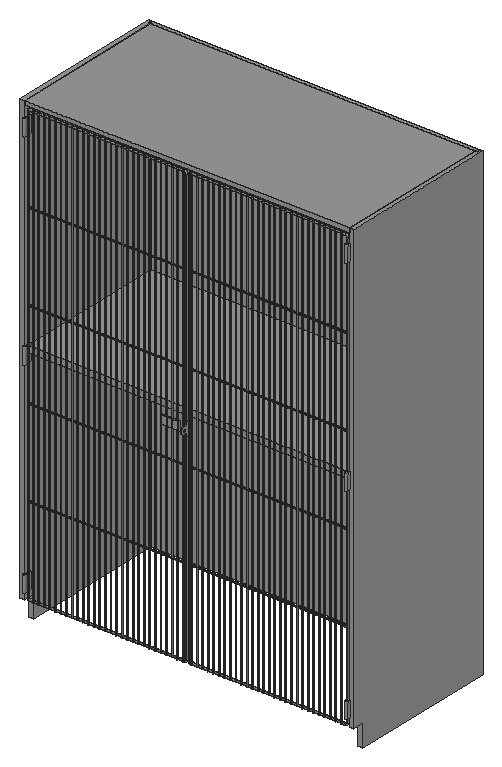
Revit family "TMI_M3052-Music_WireDoors1", category Casework, Revit 2016
Family settings
  OmniClass Number = 23.40.35.14.11
  OmniClass Title = Modular Casework
  Work Plane-Based = No
  Always vertical = Yes
  Cut with Voids When Loaded = No
  Shared = No
  Room Calculation Point = No
Parameters (values of type "60" x 84-1/2" x 29"")
  URL = "www.tmisystems.com"
  Toe Kick Height = 4"
  Toe Kick Depth = 2"
  Shelf Thickness = 1 1/8"
  Model = "M3052"
  Manufacturer = "TMI Systems Corporation"
  Interior Finish = none
  Filler Width (Left) [instance] = 3"
  Filler Right [instance] = no
  Filler Left [instance] = no
  Filler Width (Right) [instance] = 3"
  Description = "Timpani, Chimes, Xylophone, Marimbas, Small Vibes"
  Depth = 29"
  Height = 84 1/2"
  Width = 60"
  Casework Thickness = 3/4"
  Casework Back Thickness = 1/2"
  Cabinet Finish = Plastic Laminate
  Assembly Code = ""
Types (2): name | Depth
  60" x 84-1/2" x 29" | 29"
  60" x 84-1/2" x 39" | 39"
Reference planes (in)
  plane 1 "Back": y = 15
  plane 2: z = 0
  plane 3 "Center (Left/Right)": x = 0.7377
  plane 4 "Left": x = -29.2623
  plane 5 "Right": x = 30.7377
  plane 6 "Front": y = -14
  plane 7 "Top": z = 84.5
  plane 8: y = 14.375
  plane 9: x = -28.5123
  plane 10: x = 29.9877
  plane 11: z = 83.75
  plane 12: y = 14.875
  plane 13: y = -12
  plane 14: z = 4
  plane 15: z = 5.125
  plane 16: y = -13.61906
  plane 17: y = -11.25
  plane 18: y = -13.25
  plane 19: y = -13.49461
  plane 20: z = 42.25
  plane 21: z = 83.25
  plane 22: x = 30.3627
  plane 23: x = -28.8873
  plane 24: z = 44.8125
  plane 25: y = -13.60344
  plane 26: y = -14.125
  plane 27: z = 42.5625
  plane 28: z = 41.0625
  plane 29: x = -0.5748
  plane 30: x = -3.7623
Forms (in)
  Extrusion 1, solid, material "Plastic Laminate" <- "Cabinet Finish"
    sketch origin (0, 0.21844, 0) x (1, 0, 0) y (0, 1, 0)
      loop
        line (-29.2623, 14.78156) -> (-29.2623, -14.21844) -> (-28.5123, -14.21844) -> (-28.5123, 14.15656) -> (-28.88677, 14.15656) -> (-28.88677, 14.78156) -> (-29.2623, 14.78156)
      loop
        line (30.36077, 14.78156) -> (30.36077, 14.15656) -> (29.9877, 14.15656) -> (29.9877, -14.21844) -> (30.7377, -14.21844) -> (30.7377, 14.78156) -> (30.36077, 14.78156)
    from 0 to 84.5
  Extrusion 2, solid, material "Plastic Laminate" <- "Cabinet Finish"
    sketch origin (0, 0, 0) x (1, 0, 0) y (0, 1, 0)
      loop
        line (-28.88677, 14.875) -> (-28.88677, 14.375) -> (30.36077, 14.375) -> (30.36077, 14.875) -> (-28.88677, 14.875)
    from 84.5 to 0
  Extrusion 3, solid, material "Plastic Laminate" <- "Cabinet Finish", visible <- "Filler Right"
    sketch origin (0, -14, 0) x (1, 0, 0) y (0, 0, 1)
      loop
        line (30.7377, 84.5) -> (30.7377, 4) -> (33.7377, 4) -> (33.7377, 84.5) -> (30.7377, 84.5)
    from -0.75 to 0
  Extrusion 4, solid, material "Plastic Laminate" <- "Cabinet Finish", visible <- "Filler Left"
    sketch origin (0, -14, 0) x (1, 0, 0) y (0, 0, 1)
      loop
        line (-32.2623, 84.5) -> (-32.2623, 4) -> (-29.2623, 4) -> (-29.2623, 84.5) -> (-32.2623, 84.5)
    from -0.75 to 0
  Extrusion 5, solid, material "Plastic Laminate" <- "Cabinet Finish"
    sketch origin (0, -14, 0) x (1, 0, 0) y (0, 0, 1)
      loop
        line (-28.5123, 43.6875) -> (29.9877, 43.6875) -> (29.9877, 44.8125) -> (-28.5123, 44.8125) -> (-28.5123, 43.6875)
    from -28.375 to -0.50539
  Extrusion 6, solid, material "Plastic Laminate" <- "Cabinet Finish"
    sketch origin (0, 15, 0) x (1, 0, 0) y (0, 0, 1)
      loop
        line (-28.5123, 84.5) -> (-28.5123, 83.75) -> (29.9877, 83.75) -> (29.9877, 84.5) -> (-28.5123, 84.5)
    from 0.625 to 29
  Extrusion 7, void
    sketch origin (-29.2623, 0, 0) x (0, -1, 0) y (0, 0, 1)
      loop
        line (14, 0) -> (14, 4) -> (12, 4) -> (12, 0) -> (14, 0)
    from -60 to 0
  Extrusion 8, solid, material "Plastic Laminate" <- "Cabinet Finish", visible <- "Filler Left"
    sketch origin (30.7377, 0, 0) x (0, -1, 0) y (0, 0, 1)
      loop
        line (11.25, 4) -> (11.25, 0) -> (12, 0) -> (12, 4) -> (11.25, 4)
    from 60 to 63
  Extrusion 9, solid, material "Plastic Laminate" <- "Cabinet Finish", visible <- "Filler Right"
    sketch origin (30.7377, 0, 0) x (0, -1, 0) y (0, 0, 1)
      loop
        line (11.25, 4) -> (11.25, 0) -> (12, 0) -> (12, 4) -> (11.25, 4)
    from 0 to -3
  Extrusion 10, solid
    sketch origin (0, 15, -8.125) x (1, 0, 0) y (0, 0, 1)
      loop
        line (-3.7623, 50.6875) -> (-3.7623, 49.1875) -> (-0.5748, 49.1875) -> (-0.5748, 50.6875) -> (-3.7623, 50.6875)
    from 29 to 29.125
Cuts and joins
  Extrusion 7 cuts Extrusion 1
  Extrusion 7 cuts Extrusion 4
Lines and regions (in)
  Masking region 1
    outline origin (44.5, 0, 0) x (1, 0, 0) y (0, 1, 0)
      loop
        line (-73.7623, 15) -> (-73.7623, -14) -> (-13.7623, -14) -> (-13.7623, 15) -> (-73.7623, 15)
  Masking region 2, visible <- "Filler Left"
    outline origin (0, 0, 0) x (1, 0, 0) y (0, 1, 0)
      loop
        line (-32.2623, -13.25) -> (-32.2623, -14) -> (-29.2623, -14) -> (-29.2623, -13.25) -> (-32.2623, -13.25)
  Masking region 3, visible <- "Filler Right"
    outline origin (0, 0, 0) x (1, 0, 0) y (0, 1, 0)
      loop
        line (30.7377, -13.25) -> (30.7377, -14) -> (33.7377, -14) -> (33.7377, -13.25) -> (30.7377, -13.25)
  symbolic lines, style "CaseworkHiddenLines"
    curve 1: line (-0.1998, -14, 0) -> (-0.3248, -14, 0)
    curve 2: line (1.9252, -14, 0) -> (2.0502, -14, 0)
Dimensions and locks (in)
  "Width": plane 4 "Left" to plane 5 "Right"
  equal spacing: plane 4 "Left", plane 3 "Center (Left/Right)", plane 5 "Right"
  "Casework Thickness": plane 4 "Left" to plane 9
  "Casework Thickness": plane 10 to plane 5 "Right"
  "Casework Thickness": plane 7 "Top" to plane 11
  "Filler Width (Right)": plane 5 "Right" to Extrusion 3
  "Filler Width (Left)": Extrusion 4 to plane 4 "Left"
  "Depth": plane 6 "Front" to plane 1 "Back"
  locked: plane 12 to plane 1 "Back" at 0.125
  "Toe Kick Depth": plane 13 to plane 6 "Front"
  "Toe Kick Height": plane 14 to level
  "Height": plane 7 "Top" to level
  plane 15 to Extrusion 2 = 5 1/8"
  locked: plane 6 "Front" to plane 16 at 0.38094
  locked: plane 6 "Front" to plane 18 at 0.75
  locked: plane 17 to plane 13 at 0.75
  plane 16 to plane 19 = 0.12445"
  equal spacing: plane 7 "Top", plane 20, plane 2
  locked: plane 11 to plane 21 at 0.5
  "Shelf Thickness": plane 15 to plane 14
  equal spacing: plane 4 "Left", plane 23, plane 9
  equal spacing: plane 10, plane 22, plane 5 "Right"
  "Casework Back Thickness": plane 12 to plane 8
  equal spacing: plane 23, plane 3 "Center (Left/Right)", plane 22
  "Shelf Thickness": plane 24 to Extrusion 5
  locked: plane 16 to plane 25 at 0.01562
  Extrusion 7 to level = 4"
  locked: plane 26 to plane 6 "Front" at 0.125
  plane 3 "Center (Left/Right)" to plane 29 = 1 5/16"
  locked: plane 27 to plane 28 at 1.5
  locked: plane 27 to plane 14 at 38.5625
  locked: plane 29 to plane 30 at 3.1875
  equal spacing: plane 7 "Top", plane 24, plane 15
  aligned and locked: plane 2 to level
  aligned and locked: Extrusion 1 sketch curve to plane 4 "Left"
  aligned and locked: Extrusion 1 sketch curve to plane 9
  aligned and locked: Extrusion 1 sketch curve to plane 10
  aligned and locked: Extrusion 1 sketch curve to plane 5 "Right"
  aligned and locked: plane 1 "Back" to Extrusion 1
  aligned and locked: Extrusion 1 to plane 1 "Back"
  aligned and locked: Extrusion 2 sketch curve to plane 8
  aligned and locked: Extrusion 1 to plane 7 "Top"
  aligned and locked: plane 7 "Top" to Extrusion 3 sketch curve
  aligned and locked: Extrusion 3 sketch curve to plane 5 "Right"
  aligned and locked: Extrusion 4 sketch curve to plane 7 "Top"
  aligned and locked: plane 14 to Extrusion 3
  aligned and locked: Extrusion 4 to plane 14
  aligned and locked: Masking region 1 sketch curve to plane 1 "Back"
  aligned and locked: Extrusion 5 to plane 8
  aligned and locked: plane 4 "Left" to Masking region 2 sketch curve
  aligned and locked: Masking region 3 sketch curve to plane 5 "Right"
  aligned and locked: plane 6 "Front" to Extrusion 1  (x2)
  aligned and locked: plane 6 "Front" to Extrusion 3
  aligned and locked: plane 6 "Front" to Extrusion 4
  aligned and locked: Extrusion 3 to plane 18
  aligned and locked: plane 18 to Extrusion 4
  aligned and locked: Masking region 2 to Extrusion 4
  aligned and locked: plane 18 to Masking region 2
  aligned and locked: Masking region 3 to Extrusion 3
  aligned and locked: Masking region 3 to plane 18
  aligned and locked: Extrusion 5 to plane 19
  aligned and locked: Extrusion 6 sketch curve to plane 11
  aligned and locked: plane 9 to Extrusion 6 sketch curve
  aligned and locked: Extrusion 6 sketch curve to plane 10
  aligned and locked: plane 6 "Front" to Extrusion 6
  aligned and locked: plane 9 to Extrusion 1
  aligned and locked: plane 6 "Front" to Masking region 1
  aligned and locked: Extrusion 6 to plane 7 "Top"
  aligned and locked: Extrusion 6 to plane 8
  aligned and locked: Extrusion 2 to Extrusion 1  (x2)
  aligned and locked: Extrusion 2 to plane 7 "Top"
  aligned and locked: plane 10 to Extrusion 5 sketch curve
  aligned and locked: Extrusion 5 sketch curve to plane 9
  aligned and locked: Extrusion 5 sketch curve to plane 24
  aligned and locked: Extrusion 1 to level
  aligned and locked: Extrusion 7 sketch curve to plane 13
  aligned and locked: level to Extrusion 7 sketch curve
  aligned and locked: Extrusion 7 sketch curve to plane 6 "Front"
  aligned and locked: Extrusion 7 sketch curve to plane 14
  aligned and locked: Extrusion 7 to plane 5 "Right"
  aligned and locked: plane 4 "Left" to Extrusion 7
  aligned and locked: Extrusion 2 to level
  aligned and locked: plane 14 to Extrusion 9
  aligned and locked: plane 14 to Extrusion 8
  aligned and locked: plane 17 to Extrusion 9
  aligned and locked: plane 17 to Extrusion 8
  aligned and locked: Extrusion 8 to plane 13
  aligned and locked: Extrusion 9 to plane 13
  aligned and locked: Extrusion 8 to plane 2
  aligned and locked: Extrusion 9 to plane 2
  aligned and locked: Extrusion 8 to plane 4 "Left"
  aligned and locked: cut or joined group of Extrusion 4, Extrusion 7 to Extrusion 8
  aligned and locked: plane 5 "Right" to Extrusion 9
  aligned and locked: Extrusion 9 to Extrusion 3
  aligned and locked: Extrusion 10 to plane 6 "Front"
  aligned and locked: plane 26 to Extrusion 10
  aligned and locked: Extrusion 10 to plane 27
  aligned and locked: Extrusion 10 to plane 28
  aligned and locked: plane 30 to Extrusion 10
  aligned and locked: plane 29 to Extrusion 10
  aligned and locked: plane 9 to nested 1
  aligned and locked: nested 2 to plane 10
  aligned and locked: plane 6 "Front" to nested 2
  aligned and locked: nested 1 to plane 6 "Front"
  aligned and locked: plane 21 to nested 1
  aligned and locked: nested 2 to plane 21
Automatic sketch dimensions
  curve 1 to level = 0"
  curve 2 to level = 0"
  curve 1 to curve 1 = 1/8"
  curve 2 to curve 2 = 1/8"
  plane 1 "Back" to Extrusion 1 sketch curve = 0"  (x2)
  Extrusion 1 sketch curve to plane 8 = 0"  (x2)
  plane 6 "Front" to Extrusion 1 sketch curve = 0"  (x2)
  Extrusion 1 sketch curve to plane 23 = 0.00052"
  plane 22 to Extrusion 1 sketch curve = 0.00194"
  Extrusion 2 sketch curve to plane 12 = 0"
  Extrusion 2 sketch curve to plane 23 = 0.00052"
  plane 22 to Extrusion 2 sketch curve = 0.00194"
  Extrusion 3 sketch curve to plane 14 = 0"
  Extrusion 3 sketch curve to plane 5 "Right" = 3"
  Extrusion 4 sketch curve to plane 14 = 0"
  plane 4 "Left" to Extrusion 4 sketch curve = 0"
  Extrusion 4 sketch curve to Extrusion 4 sketch curve = 3"
  Masking region 1 sketch curve to plane 4 "Left" = 0"
  Masking region 1 sketch curve to plane 5 "Right" = 0"
  plane 6 "Front" to Masking region 1 sketch curve = 0"
  plane 6 "Front" to Masking region 2 sketch curve = 0"
  plane 18 to Masking region 2 sketch curve = 0"
  plane 4 "Left" to Masking region 2 sketch curve = 3"
  plane 6 "Front" to Masking region 3 sketch curve = 0"
  plane 18 to Masking region 3 sketch curve = 0"
  Masking region 3 sketch curve to Masking region 3 sketch curve = 3"
  Extrusion 6 sketch curve to plane 7 "Top" = 0"
  Extrusion 5 sketch curve to plane 24 = 1 1/8"
  plane 3 "Center (Left/Right)" to curve 2 = 1 3/16"
  curve 1 to plane 3 "Center (Left/Right)" = 15/16"
  level to Extrusion 8 sketch curve = 0"
  plane 17 to Extrusion 8 sketch curve = 0"
  Extrusion 8 sketch curve to plane 18 = 1 1/4"
  Extrusion 8 sketch curve to plane 14 = 0"
  plane 17 to Extrusion 9 sketch curve = 0"
  Extrusion 9 sketch curve to plane 18 = 1 1/4"
  Extrusion 9 sketch curve to level = 0"
  Extrusion 9 sketch curve to plane 14 = 0"
  Extrusion 10 sketch curve to plane 20 = 1 3/16"
  Extrusion 10 sketch curve to plane 24 = 2 1/4"
  plane 5 "Right" to Extrusion 10 sketch curve = 34 1/2"
  Extrusion 10 sketch curve to Extrusion 10 sketch curve = 3 3/16"
Nested families (in)
  nested 1: "Full Height Wire Grille Door 60in Wide (2 Doors)" at (-13.76315, -13.76369, 4), type "Full Height Wire Grille Door 60in Wide (2 Doors)"
    with Number of Verticle Bars 28, Bar Spacing 1"
  nested 2: "Full Height Wire Grille Door 60in Wide (2 Doors)" at (15.23856, -13.76369, 4) x (-1, 0, 0) z (0, 0, 1), type "Full Height Wire Grille Door 60in Wide (2 Doors)"
    with Number of Verticle Bars 28, Bar Spacing 1"
Definition of nested family "Full Height Wire Grille Door 60in Wide (2 Doors)"
  Parameters (values of type "Full Height Wire Grille Door 60in Wide (2 Doors)")
    Width = 28 1/2"
    Pull height from Bottom of Casework = 37 13/16"
    Number of Verticle Bars [instance] = (Width / Bar Spacing) - 1  # 28
    Height = 79 1/4"
    Distance of Hinge from Edge of Casework = 2 13/16"
    Bar Spacing [instance] = 1"
  Reference planes (in)
    plane 1 "Center (Front/Back)": y = 0
    plane 2: z = 0
    plane 3 "Center (Left/Right)": x = 0
    plane 4: x = -14.37415
    plane 5: x = -14.12585
    plane 6: z = 79.25
    plane 7: z = 79
    plane 8: z = 79.125
    plane 9: x = -14.25
    plane 10: x = 14.38138
    plane 11: x = 14.11862
    plane 12: x = 14.25
    plane 13: z = 0.25
    plane 14: z = 0.125
    plane 15: y = -0.125
    plane 16: z = 39.625
    plane 17: z = 47.525
    plane 18: z = 63.325
    plane 19: z = 31.725
    plane 20: z = 15.925
    plane 21: y = -0.17188
    plane 22: x = -13.25
    plane 23: y = 0.28516
    plane 24: y = -0.23631
    plane 25: z = 37.8125
    plane 26: z = 2.8125
    plane 27: z = 76.4375
    plane 28: z = 38.9375
    plane 29: x = -13.25
    plane 30: y = -0.17188
    plane 31: x = -12.25
    plane 32: y = -0.17188
    plane 33: x = -11.25
    plane 34: y = -0.17188
    plane 35: x = -10.25
    plane 36: y = -0.17188
    plane 37: x = -9.25
    plane 38: y = -0.17188
    plane 39: x = -8.25
    plane 40: y = -0.17188
    plane 41: x = -7.25
    plane 42: y = -0.17188
    plane 43: x = -6.25
    plane 44: y = -0.17188
    plane 45: x = -5.25
    plane 46: y = -0.17188
    plane 47: x = -4.25
    plane 48: y = -0.17188
    plane 49: x = -3.25
    plane 50: y = -0.17188
    plane 51: x = -2.25
    plane 52: y = -0.17188
    plane 53: x = -1.25
    plane 54: y = -0.17188
    plane 55: x = -0.25
    plane 56: y = -0.17188
    plane 57: x = 0.75
    plane 58: y = -0.17188
    plane 59: x = 1.75
    plane 60: y = -0.17188
    plane 61: x = 2.75
    plane 62: y = -0.17188
    plane 63: x = 3.75
    plane 64: y = -0.17188
    plane 65: x = 4.75
    plane 66: y = -0.17188
    plane 67: x = 5.75
    plane 68: y = -0.17188
    plane 69: x = 6.75
    plane 70: y = -0.17188
    plane 71: x = 7.75
    plane 72: y = -0.17188
    plane 73: x = 8.75
    plane 74: y = -0.17188
    plane 75: x = 9.75
    plane 76: y = -0.17188
    plane 77: x = 10.75
    plane 78: y = -0.17188
    plane 79: x = 11.75
    plane 80: y = -0.17188
    plane 81: x = 12.75
    plane 82: y = -0.17188
    plane 83: x = 13.75
    plane 84: y = -0.17188
  Forms (in)
    Sweep 1, solid
      path origin (0, 0, 0) x (1, 0, 0) y (0, 0, 1)
        loop
          arc (-14, 79.125) -> (-14.17678, 79.05178) -> (-14.25, 78.875) r 0.25
          line (-14.25, 78.875) -> (-14.25, 0.375)
          arc (-14.25, 0.375) -> (-14.17678, 0.19822) -> (-14, 0.125) r 0.25
          line (-14, 0.125) -> (14, 0.125)
          arc (14, 0.125) -> (14.17678, 0.19822) -> (14.25, 0.375) r 0.25
          line (14.25, 0.375) -> (14.25, 78.875)
          arc (14.25, 78.875) -> (14.17678, 79.05178) -> (14, 79.125) r 0.25
          line (14, 79.125) -> (-14, 79.125)
      profile "4 Circle : 4 Circle" origin (0, 0, 79.125) x (0, 0, 1) y (0, -1, 0)
        loop
          circle (0, 0) r 0.125
    Extrusion 2, solid
      sketch origin (0, 0, 0) x (0, 1, 0) y (0, 0, 1)
        loop
          circle (0, 63.325) r 0.125
        loop
          circle (0, 47.525) r 0.125
        loop
          circle (0, 15.925) r 0.125
        loop
          circle (0, 31.725) r 0.125
      from -14.25 to 14.25
    Extrusion 3, solid
      sketch origin (-3, 0, 0) x (1, 0, 0) y (0, 1, 0)
        loop
          circle (-10.25, -0.17188) r 0.06444
      from 0 to 79.25
    Extrusion 4, solid
      sketch origin (-2, 0, 0) x (1, 0, 0) y (0, 1, 0)
        loop
          circle (-10.25, -0.17188) r 0.06444
      from 0 to 79.25
    Extrusion 5, solid
      sketch origin (-1, 0, 0) x (1, 0, 0) y (0, 1, 0)
        loop
          circle (-10.25, -0.17188) r 0.06444
      from 0 to 79.25
    Extrusion 6, solid
      sketch origin (0, 0, 0) x (1, 0, 0) y (0, 1, 0)
        loop
          circle (-10.25, -0.17188) r 0.06444
      from 0 to 79.25
    Extrusion 7, solid
      sketch origin (1, 0, 0) x (1, 0, 0) y (0, 1, 0)
        loop
          circle (-10.25, -0.17188) r 0.06444
      from 0 to 79.25
    Extrusion 8, solid
      sketch origin (2, 0, 0) x (1, 0, 0) y (0, 1, 0)
        loop
          circle (-10.25, -0.17188) r 0.06444
      from 0 to 79.25
    Extrusion 9, solid
      sketch origin (3, 0, 0) x (1, 0, 0) y (0, 1, 0)
        loop
          circle (-10.25, -0.17188) r 0.06444
      from 0 to 79.25
    Extrusion 10, solid
      sketch origin (4, 0, 0) x (1, 0, 0) y (0, 1, 0)
        loop
          circle (-10.25, -0.17188) r 0.06444
      from 0 to 79.25
    Extrusion 11, solid
      sketch origin (5, 0, 0) x (1, 0, 0) y (0, 1, 0)
        loop
          circle (-10.25, -0.17188) r 0.06444
      from 0 to 79.25
    Extrusion 12, solid
      sketch origin (6, 0, 0) x (1, 0, 0) y (0, 1, 0)
        loop
          circle (-10.25, -0.17188) r 0.06444
      from 0 to 79.25
    Extrusion 13, solid
      sketch origin (7, 0, 0) x (1, 0, 0) y (0, 1, 0)
        loop
          circle (-10.25, -0.17188) r 0.06444
      from 0 to 79.25
    Extrusion 14, solid
      sketch origin (8, 0, 0) x (1, 0, 0) y (0, 1, 0)
        loop
          circle (-10.25, -0.17188) r 0.06444
      from 0 to 79.25
    Extrusion 15, solid
      sketch origin (9, 0, 0) x (1, 0, 0) y (0, 1, 0)
        loop
          circle (-10.25, -0.17188) r 0.06444
      from 0 to 79.25
    Extrusion 16, solid
      sketch origin (10, 0, 0) x (1, 0, 0) y (0, 1, 0)
        loop
          circle (-10.25, -0.17188) r 0.06444
      from 0 to 79.25
    Extrusion 17, solid
      sketch origin (11, 0, 0) x (1, 0, 0) y (0, 1, 0)
        loop
          circle (-10.25, -0.17188) r 0.06444
      from 0 to 79.25
    Extrusion 18, solid
      sketch origin (12, 0, 0) x (1, 0, 0) y (0, 1, 0)
        loop
          circle (-10.25, -0.17188) r 0.06444
      from 0 to 79.25
    Extrusion 19, solid
      sketch origin (13, 0, 0) x (1, 0, 0) y (0, 1, 0)
        loop
          circle (-10.25, -0.17188) r 0.06444
      from 0 to 79.25
    Extrusion 20, solid
      sketch origin (14, 0, 0) x (1, 0, 0) y (0, 1, 0)
        loop
          circle (-10.25, -0.17188) r 0.06444
      from 0 to 79.25
    Extrusion 21, solid
      sketch origin (15, 0, 0) x (1, 0, 0) y (0, 1, 0)
        loop
          circle (-10.25, -0.17188) r 0.06444
      from 0 to 79.25
    Extrusion 22, solid
      sketch origin (16, 0, 0) x (1, 0, 0) y (0, 1, 0)
        loop
          circle (-10.25, -0.17188) r 0.06444
      from 0 to 79.25
    Extrusion 23, solid
      sketch origin (17, 0, 0) x (1, 0, 0) y (0, 1, 0)
        loop
          circle (-10.25, -0.17188) r 0.06444
      from 0 to 79.25
    Extrusion 24, solid
      sketch origin (18, 0, 0) x (1, 0, 0) y (0, 1, 0)
        loop
          circle (-10.25, -0.17188) r 0.06444
      from 0 to 79.25
    Extrusion 25, solid
      sketch origin (19, 0, 0) x (1, 0, 0) y (0, 1, 0)
        loop
          circle (-10.25, -0.17188) r 0.06444
      from 0 to 79.25
    Extrusion 26, solid
      sketch origin (20, 0, 0) x (1, 0, 0) y (0, 1, 0)
        loop
          circle (-10.25, -0.17188) r 0.06444
      from 0 to 79.25
    Extrusion 27, solid
      sketch origin (21, 0, 0) x (1, 0, 0) y (0, 1, 0)
        loop
          circle (-10.25, -0.17188) r 0.06444
      from 0 to 79.25
    Extrusion 28, solid
      sketch origin (22, 0, 0) x (1, 0, 0) y (0, 1, 0)
        loop
          circle (-10.25, -0.17188) r 0.06444
      from 0 to 79.25
    Extrusion 29, solid
      sketch origin (23, 0, 0) x (1, 0, 0) y (0, 1, 0)
        loop
          circle (-10.25, -0.17188) r 0.06444
      from 0 to 79.25
    Extrusion 30, solid
      sketch origin (24, 0, 0) x (1, 0, 0) y (0, 1, 0)
        loop
          circle (-10.25, -0.17188) r 0.06444
      from 0 to 79.25
  Lines and regions (in)
    model lines
      curve 1: line (14.27951, 0, 79.125) -> (-14.25002, 0, 39.625)
      curve 2: line (-14.25002, 0, 39.625) -> (14.25, 0, 0.125)
  Dimensions and locks (in)
    locked: plane 6 to plane 7 at 0.25
    equal spacing: plane 6, plane 8, plane 7
    equal spacing: plane 4, plane 9, plane 5
    locked: plane 4 to plane 5 at 0.24829
    equal spacing: plane 10, plane 12, plane 11
    plane 10 to plane 11 = 0.26276"
    equal spacing: plane 13, plane 14, plane 2
    locked: plane 13 to plane 2 at 0.25
    equal spacing: plane 12, plane 3 "Center (Left/Right)", plane 9
    locked: plane 15 to plane 1 "Center (Front/Back)" at 0.125
    "Width": plane 12 to plane 9
    "Height": plane 6 to plane 2
    plane 8 to plane 14 = 79"
    equal spacing: plane 8, plane 18, plane 17, plane 19, plane 20, plane 14
    "Bar Spacing": plane 9 to plane 22
    locked: plane 15 to plane 21 at 0.04688
    plane 1 "Center (Front/Back)" to plane 23 = 73/256"
    locked: plane 21 to plane 24 at 0.06444
    "Pull height from Bottom of Casework": plane 25 to plane 2
    "Distance of Hinge from Edge of Casework": plane 6 to plane 27
    "Distance of Hinge from Edge of Casework": plane 26 to plane 2
    equal spacing: plane 6, plane 16, level
    locked: plane 28 to plane 25 at 1.125
    equal spacing: group 1, group 2, group 3, group 4, group 5, group 6, group 7, group 8, group 9, group 10, group 11, group 12, group 13, group 14, group 15, group 16, group 17, group 18, group 19, group 20, group 21, group 22, group 23, group 24, group 25, group 26, group 27, group 28  (x3)
    aligned and locked: plane 2 to level
    aligned and locked: Sweep 1 sketch curve to plane 12
    aligned and locked: Sweep 1 sketch curve to plane 8
    aligned and locked: plane 9 to Sweep 1 sketch curve
    aligned and locked: plane 14 to Sweep 1 sketch curve
    aligned and locked: Extrusion 2 to plane 12
    aligned and locked: Extrusion 2 to plane 9
    aligned and locked: nested 1 to plane 10
    aligned and locked: nested 1 to plane 23
    aligned and locked: plane 10 to nested 1
    aligned and locked: nested 2 to plane 4
    aligned and locked: plane 24 to nested 2
    aligned and locked: nested 2 to plane 27
    aligned and locked: nested 3 to plane 4
    aligned and locked: plane 24 to nested 3
    aligned and locked: nested 3 to plane 26
    aligned and locked: nested 4 to plane 4
    aligned and locked: nested 4 to plane 16
    aligned and locked: plane 24 to nested 4
    aligned and locked: nested 1 to plane 28
    aligned and locked: Extrusion 3 to level
    aligned and locked: plane 6 to Extrusion 3
  Automatic sketch dimensions
    plane 5 to Sweep 1 sketch curve = 0.12585"
    Sweep 1 sketch curve to Sweep 1 sketch curve = 1/4"  (x2)
    plane 11 to Sweep 1 sketch curve = 0.11862"
    Extrusion 2 sketch curve to plane 1 "Center (Front/Back)" = 0"  (x4)
    Extrusion 2 sketch curve to plane 20 = 0"
    Extrusion 2 sketch curve to plane 19 = 0"
    Extrusion 2 sketch curve to plane 17 = 0"
    Extrusion 2 sketch curve to plane 18 = 0"
    curve 2 to plane 16 = 0"
    plane 12 to curve 2 = 0"
    curve 1 to plane 8 = 0"
    curve 2 to plane 14 = 0"
    curve 2 to plane 9 = 0"
    curve 1 to plane 12 = 0.02951"
    Extrusion 3 sketch curve to plane 29 = 0"
    Extrusion 3 sketch curve to plane 30 = 0"
    Extrusion 4 sketch curve to plane 31 = 0"
    Extrusion 4 sketch curve to plane 32 = 0"
    Extrusion 5 sketch curve to plane 33 = 0"
    Extrusion 5 sketch curve to plane 34 = 0"
    Extrusion 6 sketch curve to plane 35 = 0"
    Extrusion 6 sketch curve to plane 36 = 0"
    Extrusion 7 sketch curve to plane 37 = 0"
    Extrusion 7 sketch curve to plane 38 = 0"
    Extrusion 8 sketch curve to plane 39 = 0"
    Extrusion 8 sketch curve to plane 40 = 0"
    Extrusion 9 sketch curve to plane 41 = 0"
    Extrusion 9 sketch curve to plane 42 = 0"
    Extrusion 10 sketch curve to plane 43 = 0"
    Extrusion 10 sketch curve to plane 44 = 0"
    Extrusion 11 sketch curve to plane 45 = 0"
    Extrusion 11 sketch curve to plane 46 = 0"
    Extrusion 12 sketch curve to plane 47 = 0"
    Extrusion 12 sketch curve to plane 48 = 0"
    Extrusion 13 sketch curve to plane 49 = 0"
    Extrusion 13 sketch curve to plane 50 = 0"
    Extrusion 14 sketch curve to plane 51 = 0"
    Extrusion 14 sketch curve to plane 52 = 0"
    Extrusion 15 sketch curve to plane 53 = 0"
    Extrusion 15 sketch curve to plane 54 = 0"
    Extrusion 16 sketch curve to plane 55 = 0"
    Extrusion 16 sketch curve to plane 56 = 0"
    Extrusion 17 sketch curve to plane 57 = 0"
    Extrusion 17 sketch curve to plane 58 = 0"
    Extrusion 18 sketch curve to plane 59 = 0"
    Extrusion 18 sketch curve to plane 60 = 0"
    Extrusion 19 sketch curve to plane 61 = 0"
    Extrusion 19 sketch curve to plane 62 = 0"
    Extrusion 20 sketch curve to plane 63 = 0"
    Extrusion 20 sketch curve to plane 64 = 0"
    Extrusion 21 sketch curve to plane 65 = 0"
    Extrusion 21 sketch curve to plane 66 = 0"
    Extrusion 22 sketch curve to plane 67 = 0"
    Extrusion 22 sketch curve to plane 68 = 0"
    Extrusion 23 sketch curve to plane 69 = 0"
    Extrusion 23 sketch curve to plane 70 = 0"
    Extrusion 24 sketch curve to plane 71 = 0"
    Extrusion 24 sketch curve to plane 72 = 0"
    Extrusion 25 sketch curve to plane 73 = 0"
    Extrusion 25 sketch curve to plane 74 = 0"
    Extrusion 26 sketch curve to plane 75 = 0"
    Extrusion 26 sketch curve to plane 76 = 0"
    Extrusion 27 sketch curve to plane 77 = 0"
    Extrusion 27 sketch curve to plane 78 = 0"
    Extrusion 28 sketch curve to plane 79 = 0"
    Extrusion 28 sketch curve to plane 80 = 0"
    Extrusion 29 sketch curve to plane 81 = 0"
    Extrusion 29 sketch curve to plane 82 = 0"
    Extrusion 30 sketch curve to plane 83 = 0"
    Extrusion 30 sketch curve to plane 84 = 0"
    radius of Extrusion 2 sketch curve = 1/8"  (x4)
    radius of Extrusion 3 sketch curve = 0.06444"
    radius of Extrusion 4 sketch curve = 0.06444"
    radius of Extrusion 5 sketch curve = 0.06444"
    radius of Extrusion 6 sketch curve = 0.06444"
    radius of Extrusion 7 sketch curve = 0.06444"
    radius of Extrusion 8 sketch curve = 0.06444"
    radius of Extrusion 9 sketch curve = 0.06444"
    radius of Extrusion 10 sketch curve = 0.06444"
    radius of Extrusion 11 sketch curve = 0.06444"
    radius of Extrusion 12 sketch curve = 0.06444"
    radius of Extrusion 13 sketch curve = 0.06444"
    radius of Extrusion 14 sketch curve = 0.06444"
    radius of Extrusion 15 sketch curve = 0.06444"
    radius of Extrusion 16 sketch curve = 0.06444"
    radius of Extrusion 17 sketch curve = 0.06444"
    radius of Extrusion 18 sketch curve = 0.06444"
    radius of Extrusion 19 sketch curve = 0.06444"
    radius of Extrusion 20 sketch curve = 0.06444"
    radius of Extrusion 21 sketch curve = 0.06444"
    radius of Extrusion 22 sketch curve = 0.06444"
    radius of Extrusion 23 sketch curve = 0.06444"
    radius of Extrusion 24 sketch curve = 0.06444"
    radius of Extrusion 25 sketch curve = 0.06444"
    radius of Extrusion 26 sketch curve = 0.06444"
    radius of Extrusion 27 sketch curve = 0.06444"
    radius of Extrusion 28 sketch curve = 0.06444"
    radius of Extrusion 29 sketch curve = 0.06444"
    radius of Extrusion 30 sketch curve = 0.06444"
  Nested families (in)
    nested 1: "Pad Lock" at (14.38138, -0.33984, 37.8125), type "Pad Lock"
    nested 2: "5k hinge (music)" at (-14.5929, 0.76369, 75.03125) x (-1, 0, 0) z (0, 0, 1), type "5k hinge (music)"
      with Width 16"
    nested 3: "5k hinge (music)" at (-14.5929, 0.76369, 1.40625) x (-1, 0, 0) z (0, 0, 1), type "5k hinge (music)"
      with Width 16"
    nested 4: "5k hinge (music)" at (-14.5929, 0.76369, 38.21875) x (-1, 0, 0) z (0, 0, 1), type "5k hinge (music)"
      with Width 16"
  Definition of nested family "Pad Lock"
    Reference planes (in)
      plane 1 "Center (Front/Back)": y = 0
      plane 2: z = 0
      plane 3 "Center (Left/Right)": x = 0
      plane 4: z = 1.125
      plane 5: z = -1.125
      plane 6: y = -1.125
      plane 7: y = 0.625
      plane 8: y = -0.5625
      plane 9: x = 0.0625
    Forms (in)
      Extrusion 1, solid
        sketch origin (0, 0.00036, 0.01611) x (0, 0, 1) y (0, -1, 0)
          loop
            line (0.98389, 0) -> (0.56967, 0) -> (0.56967, 0.56286)
            arc (0.56967, 0.56286) -> (0, 1.13253) -> (-0.56967, 0.56286) r 0.56967
            line (-0.56967, 0.56286) -> (-0.56967, 0) -> (-1.01611, 0)
            arc (-1.01611, 0) -> (-1.1045, -0.03661) -> (-1.14111, -0.125) r 0.125
            line (-1.14111, -0.125) -> (-1.14111, -0.62464) -> (1.10889, -0.62464) -> (1.10889, -0.125)
            arc (1.10889, -0.125) -> (1.07227, -0.03661) -> (0.98389, 0) r 0.125
          loop
            circle (0, 0.56286) r 0.375
        from 0 to 0.0625
    Dimensions and locks (in)
      locked: plane 4 to plane 5 at 2.25
      locked: plane 6 to plane 7 at 1.75
      locked: plane 9 to plane 3 "Center (Left/Right)" at 0.0625
      equal spacing: plane 1 "Center (Front/Back)", plane 8, plane 6
      locked: plane 7 to plane 1 "Center (Front/Back)" at 0.625
      equal spacing: plane 5, plane 2, plane 4
      aligned and locked: plane 2 to level
      aligned and locked: plane 9 to Extrusion 1
    Automatic sketch dimensions
      Extrusion 1 sketch curve to Extrusion 1 sketch curve = 0"  (x2)
      Extrusion 1 sketch curve to plane 5 = 0"
      Extrusion 1 sketch curve to plane 8 = 0"
      plane 4 to Extrusion 1 sketch curve = 0"
      Extrusion 1 sketch curve to plane 7 = 0"
      Extrusion 1 sketch curve to plane 1 "Center (Front/Back)" = 0.00036"
      plane 5 to Extrusion 1 sketch curve = 1/8"
      Extrusion 1 sketch curve to level = 0.55355"
      level to Extrusion 1 sketch curve = 0.01611"
      Extrusion 1 sketch curve to Extrusion 1 sketch curve = 1/8"
      Extrusion 1 sketch curve to plane 1 "Center (Front/Back)" = 0.12536"
      radius of Extrusion 1 sketch curve = 3/8"
  Definition of nested family "5k hinge (music)"
    Parameters (values of type "5k hinge (music)")
      door thickness = 1"
      Width [instance] = 16"
      Hinge Distance from Door = 9/16"
      5K hinge size = 2 13/16"
    Reference planes (in)
      plane 1 "Center (Front/Back)": y = 0
      plane 2: z = 0
      plane 3 "Center (Left/Right)": x = 0
      plane 4: x = -0.15625
      plane 5: y = -1
      plane 6: y = -0.5
      plane 7: y = -1.5625
      plane 8: y = -1.28125
      plane 9: x = 0.15625
      plane 10: z = 2.8125
      plane 11: z = 1.40625
      plane 12: x = -0.21875
    Forms (in)
      Extrusion 1, solid
        sketch origin (-8.15625, 0, 0) x (1, 0, 0) y (0, 1, 0)
          loop
            line (8.15625, -1) -> (8.15625, -1.04949)
            arc (8.15625, -1.04949) -> (7.85521, -1.421) -> (8.3125, -1.28125) r 0.25
            line (8.3125, -1.28125) -> (8.3125, 0) -> (8.15625, 0) -> (7.9375, 0) -> (7.9375, -1) -> (8.15625, -1)
        from 0 to 2.8125
    Dimensions and locks (in)
      equal spacing: plane 1 "Center (Front/Back)", plane 6, plane 5
      "Hinge Distance from Door": plane 5 to plane 7
      equal spacing: plane 5, plane 8, plane 7
      "5K hinge size": plane 10 to plane 2
      "door thickness": plane 1 "Center (Front/Back)" to plane 5
      equal spacing: plane 10, plane 11, plane 2
      equal spacing: plane 4, plane 3 "Center (Left/Right)", plane 9
      plane 4 to plane 9 = 5/16"
      plane 12 to plane 4 = 1/16"
      aligned and locked: plane 2 to level
      aligned and locked: plane 5 to Extrusion 1 sketch curve
      aligned and locked: Extrusion 1 to plane 10
      aligned and locked: plane 9 to Extrusion 1
      aligned and locked: Extrusion 1 to plane 2
      aligned and locked: plane 12 to Extrusion 1 sketch curve
    Automatic sketch dimensions
      Extrusion 1 sketch curve to plane 8 = 0"
      plane 1 "Center (Front/Back)" to Extrusion 1 sketch curve = 0"
      Extrusion 1 sketch curve to plane 9 = 0"
      plane 4 to Extrusion 1 sketch curve = 1/16"
      Extrusion 1 sketch curve to plane 3 "Center (Left/Right)" = 0"  (x2)
